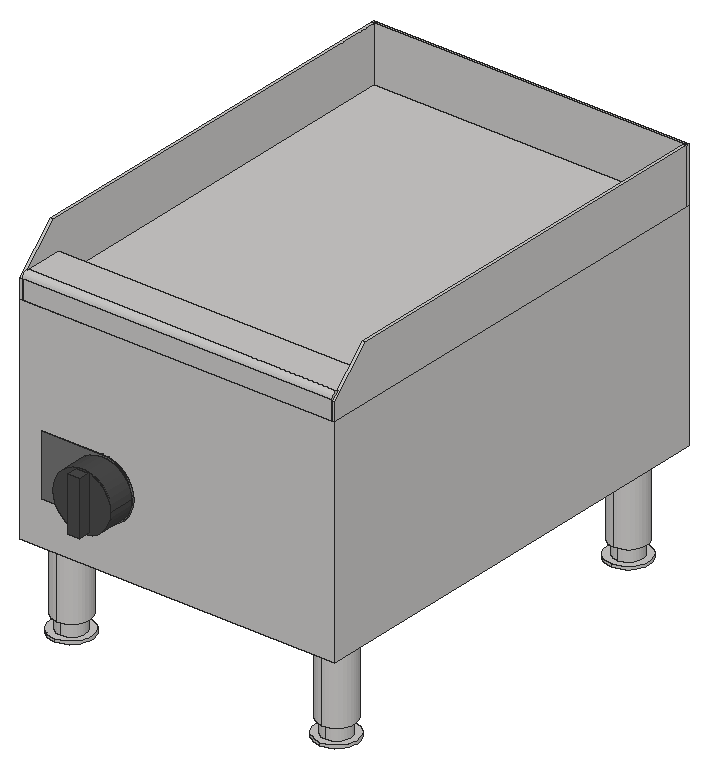
Revit family "QF_Vollrath_40715", category Specialty Equipment, Revit 2016
Family settings
  Part Type = Normal
  Round Connector Dimension = Use Diameter
  OmniClass Number = 23.40.40.14.17.14
  OmniClass Title = Hot Plates
  Work Plane-Based = No
  Always vertical = Yes
  Cut with Voids When Loaded = No
  Shared = No
  Room Calculation Point = No
Parameters
  Width [instance] = 1' - 2 1/4"
  Weight in Pounds = 49
  Watts = 1800 W
  Watermarked By = "http://revitwatermark.com"
  Volts = 120 V
  URL Cutsheet = ""
  URL = ""
  Status [instance] = ""
  Specification by User [instance] = ""
  Specification by Manufacturer [instance] = ""
  Serial Number [instance] = ""
  Seismic Rating [instance] = ""
  Revision Code [instance] = ""
  Phase = 1
  NAFEM Spec ID Number [instance] = ""
  Model = "40715"
  Mechanical Remarks [instance] = ""
  Mechanical Connection Type [instance] = ""
  Masterspec [instance] = ""
  Manufacturer = "Vollrath"
  Length [instance] = 1' - 8"
  Item Number [instance] = "-"
  Installed By [instance] = ""
  Height AFF [instance] = 1' - 10"
  Furnished By [instance] = ""
  Foodservice Equipment Identifier [instance] = yes
  FL Amps = 15 A
  Electrical Remarks = ""
  Electric Connection Type = ""
  Elec Conn RI Height = 0' - 0"
  Elec Conn Connection Height = 0' - 0"
  Description = "Electric Giddle"
  Cycle = 60 Hz
  Conn Plug = "NEMA 5-15P"
  CSI MasterFormat = "11 44 00"
  Assembly Code = "E1090320"
  Apparent Power = 0 VA
Reference planes (in)
  plane 1: z = 0
  plane 2 "BOTTOM": z = 22
  plane 3 "LEFT CLEARANCE": x = -30.72076
  plane 4 "RIGHT CLEARANCE": x = -4.47076
  plane 5 "BACK CLEARANCE": y = 6
  plane 6 "FRONT": y = -20
  plane 7 "Top of Legs": z = 26
  plane 8: x = -24.72076
  plane 9: x = -10.47076
  plane 10 "BACK": y = 0
  plane 11: z = 25.75
  plane 12: z = 25.5
  plane 13: x = -22.40972
  plane 14: x = -18.72076
  plane 15: x = -15.03179
  plane 16: z = 37.5
  plane 17: z = 36.86814
  plane 18: z = 37.875
  plane 19: z = 27.5
  plane 20: x = -12.84576
  plane 21: y = -0.125
  plane 22: x = -24.59576
  plane 23: z = 64.625
  plane 24: z = 35.75
  plane 25: y = -14.25
  plane 26 "TOP": z = 38.25
Forms (in)
  Extrusion 1, solid, material "QF_Finishes_Stainless Steel"
    sketch origin (0, 0, 22) x (0, 1, 0) y (-1, 0, 0)
      loop
        circle (-2, 23.59576) r 0.9375
    from 0 to 0.125
  Extrusion 2, solid, material "QF_Finishes_Stainless Steel"
    sketch origin (0, 0, 22) x (0, 1, 0) y (-1, 0, 0)
      loop
        circle (-2, 23.59576) r 0.625
    from 0.125 to 0.75
  Extrusion 3, solid, material "QF_Finishes_Stainless Steel"
    sketch origin (0, 0, 22) x (0, 1, 0) y (-1, 0, 0)
      loop
        circle (-2, 23.59576) r 0.8125
    from 0.75 to 4
  Extrusion 4, solid, material "QF_Finishes_Stainless Steel"
    sketch origin (23.625, 0, 22) x (0, 1, 0) y (-1, 0, 0)
      loop
        circle (-2, 35.22076) r 0.9375
    from 0 to 0.125
  Extrusion 5, solid, material "QF_Finishes_Stainless Steel"
    sketch origin (23.625, 0, 22) x (0, 1, 0) y (-1, 0, 0)
      loop
        circle (-2, 35.22076) r 0.625
    from 0.125 to 0.75
  Extrusion 6, solid, material "QF_Finishes_Stainless Steel"
    sketch origin (23.625, 0, 22) x (0, 1, 0) y (-1, 0, 0)
      loop
        circle (-2, 35.22076) r 0.8125
    from 0.75 to 4
  Extrusion 7, solid, material "QF_Finishes_Stainless Steel"
    sketch origin (23.625, -28.5, 22) x (0, 1, 0) y (-1, 0, 0)
      loop
        circle (10, 35.22076) r 0.9375
    from 0 to 0.125
  Extrusion 8, solid, material "QF_Finishes_Stainless Steel"
    sketch origin (23.625, -28.5, 22) x (0, 1, 0) y (-1, 0, 0)
      loop
        circle (10, 35.22076) r 0.625
    from 0.125 to 0.75
  Extrusion 9, solid, material "QF_Finishes_Stainless Steel"
    sketch origin (23.625, -28.5, 22) x (0, 1, 0) y (-1, 0, 0)
      loop
        circle (10, 35.22076) r 0.8125
    from 0.75 to 4
  Extrusion 10, solid, material "QF_Finishes_Stainless Steel"
    sketch origin (0, -28.5, 22) x (0, 1, 0) y (-1, 0, 0)
      loop
        circle (10, 23.59576) r 0.9375
    from 0 to 0.125
  Extrusion 11, solid, material "QF_Finishes_Stainless Steel"
    sketch origin (0, -28.5, 22) x (0, 1, 0) y (-1, 0, 0)
      loop
        circle (10, 23.59576) r 0.625
    from 0.125 to 0.75
  Extrusion 12, solid, material "QF_Finishes_Stainless Steel"
    sketch origin (0, -28.5, 22) x (0, 1, 0) y (-1, 0, 0)
      loop
        circle (10, 23.59576) r 0.8125
    from 0.75 to 4
  Extrusion 13, solid, material "QF_Finishes_Stainless Steel"
    sketch origin (0, 0, 22) x (0, 1, 0) y (-1, 0, 0)
      loop
        line (0, 24.72076) -> (-20, 24.72076) -> (-20, 10.47076) -> (0, 10.47076) -> (0, 24.72076)
    from 4 to 13.75
  Extrusion 14, solid, material "QF_Finishes_Black"
    sketch origin (0.75, 5.04599, -2) x (1, 0, 0) y (0, 0, 1)
      loop
        circle (-21.70789, 31.38697) r 1.31289
    from 25.04599 to 26.25
  Extrusion 15, solid, material "QF_Finishes_Black"
    sketch origin (0.91646, 5.04599, -2) x (1, 0, 0) y (0, 0, 1)
      loop
        line (-22.10719, 32.63767) -> (-22.10719, 30.20063) -> (-21.55452, 30.20063) -> (-21.55452, 32.63767) -> (-22.10719, 32.63767)
    from 26.25 to 26.75
  Extrusion 16, solid, material "QF_Finishes_Clearances", detail levels coarse
    sketch origin (0, 0, 22) x (0, 1, 0) y (-1, 0, 0)
      loop
        line (6, 30.72076) -> (-20, 30.72076) -> (-20, 24.72076) -> (6, 24.72076) -> (6, 30.72076)
    from 0 to 16.25
  Extrusion 17, solid, material "QF_Finishes_Clearances", detail levels coarse
    sketch origin (0, 0, 22) x (0, 1, 0) y (-1, 0, 0)
      loop
        line (6, 10.47076) -> (-20, 10.47076) -> (-20, 4.47076) -> (6, 4.47076) -> (6, 10.47076)
    from 0 to 16.25
  Extrusion 18, solid, material "QF_Finishes_Clearances", detail levels coarse
    sketch origin (0, 0, 22) x (0, 1, 0) y (-1, 0, 0)
      loop
        line (6, 24.72076) -> (0, 24.72076) -> (0, 10.47076) -> (6, 10.47076) -> (6, 24.72076)
    from 0 to 16.25
  Extrusion 19, solid, material "QF_Finishes_Stainless Steel"
    sketch origin (0, 0, 0) x (1, 0, 0) y (0, 0, 1)
      loop
        circle (-15.03179, 27.5) r 0.375
    from -0.37026 to 0
  Extrusion 20, solid, material "QF_Finishes_Stainless Steel"
    sketch origin (-22.47076, 0, 0) x (0, 1, 0) y (0, 0, 1)
      loop
        line (-20, 36.58811) -> (-20, 35.75) -> (0, 35.75) -> (0, 38.25) -> (-18.25687, 38.25) -> (-20, 36.58811)
    from 11.875 to 12
  Extrusion 21, solid, material "QF_Finishes_Stainless Steel"
    sketch origin (-36.59576, 0, 0) x (0, 1, 0) y (0, 0, 1)
      loop
        line (-20, 36.58811) -> (-20, 35.75) -> (0, 35.75) -> (0, 38.25) -> (-18.25687, 38.25) -> (-20, 36.58811)
    from 11.875 to 12
  Extrusion 22, solid, material "QF_Finishes_Stainless Steel"
    sketch origin (-24.72076, 0, 0) x (0, 1, 0) y (0, 0, 1)
      loop
        line (-18.04599, 35.75) -> (-18.04599, 36.86814) -> (-19.72916, 36.86814)
        arc (-19.72916, 36.86814) -> (-19.92067, 36.78882) -> (-20, 36.5973) r 0.27084
        line (-20, 36.5973) -> (-20, 35.75) -> (-18.04599, 35.75)
    from 0.125 to 14.125
  Extrusion 23, solid, material "QF_Finishes_Dark Grey"
    sketch origin (0.75, 0, -2) x (1, 0, 0) y (0, 0, 1)
      loop
        line (-24.45789, 30.01197) -> (-21.70789, 30.01197)
        arc (-21.70789, 30.01197) -> (-20.33289, 31.38697) -> (-21.70789, 32.76197) r 1.375
        line (-21.70789, 32.76197) -> (-24.45789, 32.76197) -> (-24.45789, 30.01197)
      loop
        circle (-21.70789, 31.38697) r 1.31289
    from 20.0563 to 20
  Extrusion 24, solid, material "QF_Finishes_Stainless Steel"
    sketch origin (0, 0, 0) x (1, 0, 0) y (0, 0, 1)
      loop
        line (-10.47076, 38.25) -> (-24.72076, 38.25) -> (-24.72076, 35.75) -> (-10.47076, 35.75) -> (-10.47076, 38.25)
    from 0 to 0.125
Lines and regions (in)
  symbolic lines, style "QF_Clearances", detail levels coarse
    curve 1: line (-30.72076, -20, 22) -> (-30.72076, 6, 22)
    curve 2: line (-30.72076, 6, 22) -> (-24.72076, 6, 22)
    curve 3: line (-24.72076, 6, 22) -> (-10.47076, 6, 22)
    curve 4: line (-10.47076, 6, 22) -> (-4.47076, 6, 22)
    curve 5: line (-4.47076, 6, 22) -> (-4.47076, -20, 22)
  symbolic lines
    curve 6: line (-24.72076, 0, 22) -> (-10.47076, 0, 22)
    curve 7: line (-10.47076, 0, 22) -> (-10.47076, -20, 22)
    curve 8: line (-10.47076, -20, 22) -> (-24.72076, -20, 22)
    curve 9: line (-24.72076, -20, 22) -> (-24.72076, 0, 22)
    curve 10: line (-24.72076, -18.04599, 22) -> (-10.47076, -18.04599, 22)
Dimensions and locks (in)
  "Height AFF": plane 2 "BOTTOM" to level
  plane 3 "LEFT CLEARANCE" to plane 8 = 0' - 6"
  locked: plane 9 to plane 4 "RIGHT CLEARANCE" at 6
  plane 5 "BACK CLEARANCE" to plane 10 "BACK" = 0' - 6"
  "Width": plane 8 to plane 9
  locked: Extrusion 19 sketch curve to plane 7 "Top of Legs" at 1.5
  locked: plane 7 "Top of Legs" to plane 2 "BOTTOM" at 4
  locked: plane 11 to plane 12 at 0.25
  locked: plane 7 "Top of Legs" to plane 11 at 0.25
  plane 19 to plane 7 "Top of Legs" = 0' - 1 1/2"
  locked: plane 17 to plane 19 at 9.36814
  Extrusion 21 to Extrusion 16 = 0' - 6 1/8"
  plane 25 to plane 10 "BACK" = 1' - 2 1/4"
  locked: plane 16 to plane 17 at 0.63186
  locked: plane 18 to plane 16 at 0.375
  locked: plane 18 to plane 26 "TOP" at 0.375
  locked: plane 26 "TOP" to plane 24 at 2.5
  aligned and locked: level to plane 1
  aligned: plane 9 to Extrusion 13 sketch curve
  aligned: Extrusion 13 to plane 9
  aligned: Extrusion 13 to plane 7 "Top of Legs"
  aligned and locked: Extrusion 16 to Extrusion 18
  aligned and locked: Extrusion 17 to Extrusion 16
  aligned and locked: plane 17 to Extrusion 22
  aligned and locked: Extrusion 20 to Extrusion 22
  aligned and locked: Extrusion 21 to Extrusion 22
  aligned and locked: plane 26 "TOP" to Extrusion 17
  aligned and locked: Extrusion 16 to Extrusion 20
  aligned and locked: Extrusion 16 to Extrusion 21
  aligned and locked: Extrusion 24 sketch curve to Extrusion 18
  aligned and locked: Extrusion 24 sketch curve to Extrusion 17
  aligned and locked: Extrusion 24 to plane 21
  aligned and locked: Extrusion 20 to Extrusion 13
  aligned and locked: Extrusion 24 to Extrusion 21
  aligned and locked: Extrusion 21 to plane 24
  aligned and locked: Extrusion 16 to Extrusion 24
Automatic sketch dimensions
  Extrusion 1 sketch curve to plane 21 = 0' - 1 7/8"
  plane 22 to Extrusion 1 sketch curve = 0' - 1"
  Extrusion 2 sketch curve to plane 21 = 0' - 1 7/8"
  plane 22 to Extrusion 2 sketch curve = 0' - 1"
  Extrusion 3 sketch curve to plane 21 = 0' - 1 7/8"
  plane 22 to Extrusion 3 sketch curve = 0' - 1"
  Extrusion 4 sketch curve to plane 21 = 0' - 1 7/8"
  Extrusion 4 sketch curve to plane 20 = 0' - 1 1/4"
  Extrusion 5 sketch curve to plane 21 = 0' - 1 7/8"
  Extrusion 5 sketch curve to plane 20 = 0' - 1 1/4"
  Extrusion 6 sketch curve to plane 21 = 0' - 1 7/8"
  Extrusion 6 sketch curve to plane 20 = 0' - 1 1/4"
  Extrusion 7 sketch curve to plane 20 = 0' - 1 1/4"
  plane 6 "FRONT" to Extrusion 7 sketch curve = 0' - 1 1/2"
  Extrusion 8 sketch curve to plane 20 = 0' - 1 1/4"
  plane 6 "FRONT" to Extrusion 8 sketch curve = 0' - 1 1/2"
  Extrusion 9 sketch curve to plane 20 = 0' - 1 1/4"
  plane 6 "FRONT" to Extrusion 9 sketch curve = 0' - 1 1/2"
  plane 22 to Extrusion 10 sketch curve = 0' - 1"
  plane 6 "FRONT" to Extrusion 10 sketch curve = 0' - 1 1/2"
  plane 22 to Extrusion 11 sketch curve = 0' - 1"
  plane 6 "FRONT" to Extrusion 11 sketch curve = 0' - 1 1/2"
  plane 22 to Extrusion 12 sketch curve = 0' - 1"
  plane 6 "FRONT" to Extrusion 12 sketch curve = 0' - 1 1/2"
  curve 5 to plane 4 "RIGHT CLEARANCE" = 0' - 0"
  curve 5 to plane 6 "FRONT" = 0' - 0"
  curve 9 to plane 6 "FRONT" = 0' - 0"
  curve 1 to plane 3 "LEFT CLEARANCE" = 0' - 0"
  curve 1 to plane 6 "FRONT" = 0' - 0"
  curve 10 to plane 9 = 0' - 0"
  curve 10 to plane 8 = 0' - 0"
  curve 6 to plane 10 "BACK" = 0' - 0"
  curve 4 to plane 5 "BACK CLEARANCE" = 0' - 0"
  curve 3 to plane 9 = 0' - 0"
  curve 2 to plane 8 = 0' - 0"
  plane 6 "FRONT" to curve 10 = 0' - 1.95401"
  Extrusion 13 sketch curve to plane 8 = 0' - 0"
  Extrusion 13 sketch curve to plane 9 = 0' - 0"
  Extrusion 13 sketch curve to plane 10 "BACK" = 0' - 0"
  plane 6 "FRONT" to Extrusion 13 sketch curve = 0' - 0"
  Extrusion 15 sketch curve to plane 13 = 0' - 1.21899"
  Extrusion 15 sketch curve to Extrusion 15 sketch curve = 0' - 0.55267"
  plane 19 to Extrusion 15 sketch curve = 0' - 0.70063"
  Extrusion 15 sketch curve to Extrusion 15 sketch curve = 0' - 2.43704"
  Extrusion 16 sketch curve to plane 3 "LEFT CLEARANCE" = 0' - 0"
  Extrusion 16 sketch curve to plane 6 "FRONT" = 0' - 0"
  Extrusion 16 sketch curve to plane 5 "BACK CLEARANCE" = 0' - 0"
  Extrusion 16 sketch curve to plane 8 = 0' - 0"
  Extrusion 17 sketch curve to plane 6 "FRONT" = 0' - 0"
  Extrusion 17 sketch curve to plane 5 "BACK CLEARANCE" = 0' - 0"
  Extrusion 17 sketch curve to plane 4 "RIGHT CLEARANCE" = 0' - 0"
  Extrusion 17 sketch curve to plane 9 = 0' - 0"
  Extrusion 18 sketch curve to plane 8 = 0' - 0"
  Extrusion 18 sketch curve to plane 10 "BACK" = 0' - 0"
  Extrusion 18 sketch curve to plane 5 "BACK CLEARANCE" = 0' - 0"
  Extrusion 18 sketch curve to plane 9 = 0' - 0"
  Extrusion 19 sketch curve to plane 15 = 0' - 0"
  Extrusion 20 sketch curve to plane 16 = 0' - 0.91189"
  Extrusion 20 sketch curve to plane 17 = 0' - 1.11814"
  Extrusion 20 sketch curve to plane 10 "BACK" = 0' - 0"
  plane 6 "FRONT" to Extrusion 20 sketch curve = 0' - 1.74313"
  Extrusion 20 sketch curve to Extrusion 20 sketch curve = 0' - 1.74313"
  Extrusion 21 sketch curve to plane 16 = 0' - 0.91189"
  Extrusion 21 sketch curve to plane 17 = 0' - 1.11814"
  Extrusion 21 sketch curve to plane 10 "BACK" = 0' - 0"
  plane 6 "FRONT" to Extrusion 21 sketch curve = 0' - 1.74313"
  Extrusion 21 sketch curve to Extrusion 21 sketch curve = 0' - 1.74313"
  Extrusion 23 sketch curve to Extrusion 23 sketch curve = 0' - 0"  (x2)
  plane 22 to Extrusion 23 sketch curve = 0' - 0.88786"
  Extrusion 23 sketch curve to plane 13 = 0' - 1.45183"
  plane 19 to Extrusion 23 sketch curve = 0' - 0.51197"
  Extrusion 23 sketch curve to Extrusion 23 sketch curve = 0' - 1 3/8"
  Extrusion 14 sketch curve to Extrusion 14 sketch curve = 0' - 0"  (x2)
  Extrusion 14 sketch curve to plane 13 = 0' - 0.13894"
  Extrusion 14 sketch curve to plane 13 = 0' - 1.45183"
  plane 19 to Extrusion 14 sketch curve = 0' - 1.88697"
  Extrusion 20 sketch curve to plane 26 "TOP" = 0' - 0"
  Extrusion 21 sketch curve to plane 26 "TOP" = 0' - 0"
  Extrusion 24 sketch curve to plane 8 = 0' - 0"
  Extrusion 24 sketch curve to plane 24 = 0' - 0"
  Extrusion 22 sketch curve to plane 6 "FRONT" = 0' - 0"
  Extrusion 22 sketch curve to plane 17 = 0' - 0"
  Extrusion 22 sketch curve to plane 24 = 0' - 0"
  plane 6 "FRONT" to Extrusion 22 sketch curve = 0' - 0.27084"  (x2)
  Extrusion 22 sketch curve to Extrusion 22 sketch curve = 0' - 1.68317"
  radius of Extrusion 1 sketch curve = 0' - 0 15/16"
  radius of Extrusion 2 sketch curve = 0' - 0 5/8"
  radius of Extrusion 3 sketch curve = 0' - 0 13/16"
  radius of Extrusion 4 sketch curve = 0' - 0 15/16"
  radius of Extrusion 5 sketch curve = 0' - 0 5/8"
  radius of Extrusion 6 sketch curve = 0' - 0 13/16"
  radius of Extrusion 7 sketch curve = 0' - 0 15/16"
  radius of Extrusion 8 sketch curve = 0' - 0 5/8"
  radius of Extrusion 9 sketch curve = 0' - 0 13/16"
  radius of Extrusion 10 sketch curve = 0' - 0 15/16"
  radius of Extrusion 11 sketch curve = 0' - 0 5/8"
  radius of Extrusion 12 sketch curve = 0' - 0 13/16"
  radius of Extrusion 19 sketch curve = 0' - 0 3/8"
  radius of Extrusion 23 sketch curve = 0' - 1.31289"
Connectors (in)
  piping at (-15.03179, 0.37026, 27.5), diameter 0.75
    settings: on Extrusion 19, index 1, connector inside diameter 3/4", connector length 0' - 0", flow factor 0, pipe flow 0 GPM, pressure drop 0.00 psi, fitting loss kfactor 0, connector angle 0.00°, fixture units 0, engagement length 0' - 0", angle of deflection 0.00°, flow configuration 1, flow direction 1, fitting loss method 0, system type 22, joint type 0, gender type 0, connector reference index -1, connector utility 0, adjustable connector no, is connector primary yes, connector description "Gas Connection"
